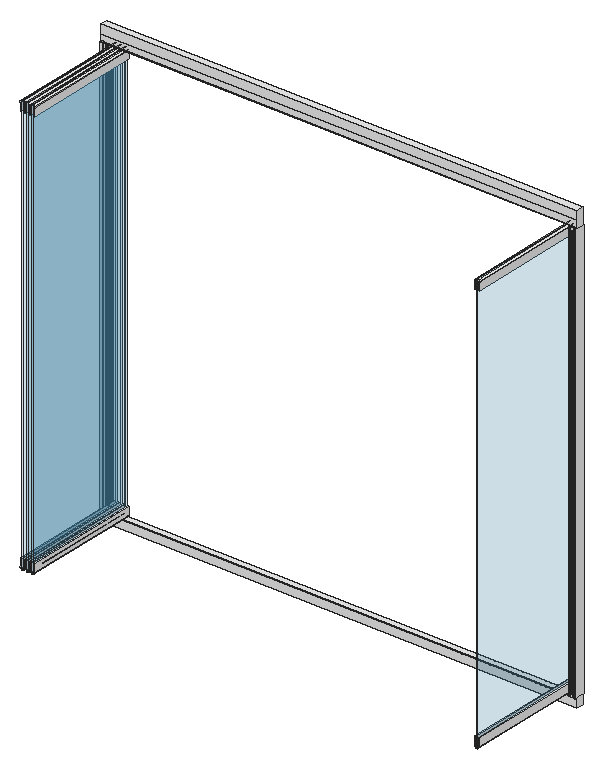
Revit family "Window-NanaWall-SL-25", category Windows, host Wall, Revit 2013 (continued)
Definition of nested family "Sill_SL-25"
  Definition of nested family "Detail Item_Sill_SL-25"
    Lines and regions (in)
      model lines, in view "Ref. Level"
        curve 98: line (0.13612, 3.62702, 0) -> (0.12279, 3.56855, 0)
        curve 99: line (0.09971, 3.56855, 0) -> (0.1115, 3.62546, 0)
        curve 100: line (0.41275, 3.62223, 0) -> (0.40452, 3.56855, 0)
        curve 101: arc (0.21662, 3.51008, 0) -> (0.21729, 3.51411, 0) -> (0.21791, 3.51815, 0) r 0.37539
        curve 102: line (0.23366, 3.63706, 0) -> (0.23041, 3.61895, 0)
        curve 103: line (0.39854, 3.61031, 0) -> (0.38948, 3.5344, 0)
        curve 104: line (0.38197, 3.56855, 0) -> (0.38718, 3.60077, 0)
        curve 105: line (0.2715, 3.5018, 0) -> (0.26825, 3.49142, 0)
        curve 106: line (0.22186, 3.61895, 0) -> (0.2244, 3.62545, 0)
        curve 107: line (0.16181, 3.52056, 0) -> (0.16017, 3.51008, 0)
        curve 108: line (0.17794, 3.63999, 0) -> (0.17424, 3.62082, 0)
        curve 109: line (0.22645, 3.51815, 0) -> (0.22387, 3.51152, 0)
        curve 110: arc (0.46371, 0.85887, 0) -> (0.37817, 0.82344, 0) -> (0.34274, 0.7379, 0) r 0.12097
        curve 111: arc (0.53726, 0.85887, 0) -> (0.55425, 0.86817, 0) -> (0.55556, 0.8875, 0) r 0.02016
        curve 112: arc (0.54515, 0.97581, 0) -> (0.54332, 0.93082, 0) -> (0.55556, 0.8875, 0) r 0.14315
        curve 113: arc (0.48387, 1.03629, 0) -> (0.50187, 0.99324, 0) -> (0.54515, 0.97581, 0) r 0.06048
        curve 114: arc (0.50403, 1.08871, 0) -> (0.48978, 1.0828, 0) -> (0.48387, 1.06855, 0) r 0.02016
        curve 115: arc (0.54435, 1.06855, 0) -> (0.53845, 1.0828, 0) -> (0.52419, 1.08871, 0) r 0.02016
        curve 116: arc (0.60831, 0.97719, 0) -> (0.63228, 0.98099, 0) -> (0.63523, 1.00507, 0) r 0.02016
        curve 117: arc (0.60831, 0.97719, 0) -> (0.61216, 0.90941, 0) -> (0.66547, 0.86738, 0) r 0.08266
        curve 118: arc (0.70549, 0.86738, 0) -> (0.68548, 0.88508, 0) -> (0.66547, 0.86738, 0) r 0.02016
        curve 119: arc (0.70549, 0.86738, 0) -> (0.75881, 0.90941, 0) -> (0.76266, 0.97719, 0) r 0.08266
        curve 120: arc (0.73574, 1.00507, 0) -> (0.73869, 0.98099, 0) -> (0.76266, 0.97719, 0) r 0.02016
        curve 121: arc (0.82661, 2.05645, 0) -> (0.80299, 2.11348, 0) -> (0.74597, 2.1371, 0) r 0.08065
        curve 122: arc (0.64516, 2.05645, 0) -> (0.68793, 2.07417, 0) -> (0.70565, 2.11694, 0) r 0.06048
        curve 123: arc (0.52419, 1.99597, 0) -> (0.53845, 2.00187, 0) -> (0.54435, 2.01613, 0) r 0.02016
        curve 124: arc (0.48387, 2.01613, 0) -> (0.48978, 2.00187, 0) -> (0.50403, 1.99597, 0) r 0.02016
        curve 125: arc (0.3629, 2.11694, 0) -> (0.38062, 2.07417, 0) -> (0.42339, 2.05645, 0) r 0.06048
        curve 126: arc (0.40323, 2.21774, 0) -> (0.37471, 2.20593, 0) -> (0.3629, 2.17742, 0) r 0.04032
        curve 127: arc (0.90726, 2.05645, 0) -> (0.86002, 2.1705, 0) -> (0.74597, 2.21774, 0) r 0.16129
        curve 128: arc (0.84677, 0.70765, 0) -> (0.85466, 0.69165, 0) -> (0.87215, 0.68817, 0) r 0.02016
        curve 129: arc (0.76613, 0.67742, 0) -> (0.78039, 0.68332, 0) -> (0.78629, 0.69758, 0) r 0.02016
        curve 130: arc (0.72581, 0.69758, 0) -> (0.73171, 0.68332, 0) -> (0.74597, 0.67742, 0) r 0.02016
        curve 131: arc (0.74597, 0.38306, 0) -> (0.73171, 0.37716, 0) -> (0.72581, 0.3629, 0) r 0.02016
        curve 132: arc (0.78629, 0.3629, 0) -> (0.78039, 0.37716, 0) -> (0.76613, 0.38306, 0) r 0.02016
        curve 133: arc (0.87215, 0.37231, 0) -> (0.85466, 0.36883, 0) -> (0.84677, 0.35284, 0) r 0.02016
        curve 134: arc (-0.84677, 0.35284, 0) -> (-0.85466, 0.36883, 0) -> (-0.87215, 0.37231, 0) r 0.02016
        curve 135: arc (-0.76613, 0.38306, 0) -> (-0.78039, 0.37716, 0) -> (-0.78629, 0.3629, 0) r 0.02016
        curve 136: arc (-0.72581, 0.3629, 0) -> (-0.73171, 0.37716, 0) -> (-0.74597, 0.38306, 0) r 0.02016
        curve 137: arc (-0.74597, 0.67742, 0) -> (-0.73171, 0.68332, 0) -> (-0.72581, 0.69758, 0) r 0.02016
        curve 138: arc (-0.78629, 0.69758, 0) -> (-0.78039, 0.68332, 0) -> (-0.76613, 0.67742, 0) r 0.02016
        curve 139: arc (-0.87215, 0.68817, 0) -> (-0.85466, 0.69165, 0) -> (-0.84677, 0.70765, 0) r 0.02016
        curve 140: arc (-0.74597, 2.21774, 0) -> (-0.86002, 2.1705, 0) -> (-0.90726, 2.05645, 0) r 0.16129
        curve 141: arc (-0.3629, 2.17742, 0) -> (-0.37471, 2.20593, 0) -> (-0.40323, 2.21774, 0) r 0.04032
        curve 142: arc (-0.42339, 2.05645, 0) -> (-0.38062, 2.07417, 0) -> (-0.3629, 2.11694, 0) r 0.06048
        curve 143: arc (-0.50403, 1.99597, 0) -> (-0.48978, 2.00187, 0) -> (-0.48387, 2.01613, 0) r 0.02016
        curve 144: arc (-0.54435, 2.01613, 0) -> (-0.53845, 2.00187, 0) -> (-0.52419, 1.99597, 0) r 0.02016
        curve 145: arc (-0.70565, 2.11694, 0) -> (-0.68793, 2.07417, 0) -> (-0.64516, 2.05645, 0) r 0.06048
        curve 146: arc (-0.74597, 2.1371, 0) -> (-0.80299, 2.11348, 0) -> (-0.82661, 2.05645, 0) r 0.08065
        curve 147: arc (-0.76266, 0.97719, 0) -> (-0.73869, 0.98099, 0) -> (-0.73574, 1.00507, 0) r 0.02016
        curve 148: arc (-0.76266, 0.97719, 0) -> (-0.75881, 0.90941, 0) -> (-0.70549, 0.86738, 0) r 0.08266
        curve 149: arc (-0.66547, 0.86738, 0) -> (-0.68548, 0.88508, 0) -> (-0.70549, 0.86738, 0) r 0.02016
        curve 150: arc (-0.66547, 0.86738, 0) -> (-0.61216, 0.90941, 0) -> (-0.60831, 0.97719, 0) r 0.08266
        curve 151: arc (-0.63523, 1.00507, 0) -> (-0.63228, 0.98099, 0) -> (-0.60831, 0.97719, 0) r 0.02016
        curve 152: arc (-0.52419, 1.08871, 0) -> (-0.53845, 1.0828, 0) -> (-0.54435, 1.06855, 0) r 0.02016
        curve 153: arc (-0.48387, 1.06855, 0) -> (-0.48978, 1.0828, 0) -> (-0.50403, 1.08871, 0) r 0.02016
        curve 154: arc (-0.54515, 0.97581, 0) -> (-0.50187, 0.99324, 0) -> (-0.48387, 1.03629, 0) r 0.06048
        curve 155: arc (-0.55556, 0.8875, 0) -> (-0.54332, 0.93082, 0) -> (-0.54515, 0.97581, 0) r 0.14315
        curve 156: arc (-0.55556, 0.8875, 0) -> (-0.55425, 0.86817, 0) -> (-0.53726, 0.85887, 0) r 0.02016
        curve 157: arc (-0.34274, 0.7379, 0) -> (-0.37817, 0.82344, 0) -> (-0.46371, 0.85887, 0) r 0.12097
        curve 158: arc (-0.24194, 2.45968, 0) -> (-0.24169, 2.45652, 0) -> (-0.24095, 2.45345, 0) r 0.02016
        curve 159: arc (-0.228, 2.4405, 0) -> (-0.22493, 2.43976, 0) -> (-0.22177, 2.43952, 0) r 0.02016
        curve 160: arc (-0.228, 2.4405, 0) -> (-0.22493, 2.43976, 0) -> (-0.22177, 2.43952, 0) r 0.02016
        curve 161: arc (-0.24194, 2.45968, 0) -> (-0.24169, 2.45652, 0) -> (-0.24095, 2.45345, 0) r 0.02016
        curve 162: arc (0.22177, 2.43952, 0) -> (0.23603, 2.44542, 0) -> (0.24194, 2.45968, 0) r 0.02016
        curve 163: arc (0.228, 2.72079, 0) -> (0.22493, 2.72153, 0) -> (0.22177, 2.72177, 0) r 0.02016
        curve 164: arc (0.24194, 2.70161, 0) -> (0.24169, 2.70477, 0) -> (0.24095, 2.70784, 0) r 0.02016
        curve 165: arc (-0.22177, 2.72177, 0) -> (-0.22493, 2.72153, 0) -> (-0.228, 2.72079, 0) r 0.02016
        curve 166: arc (-0.24095, 2.70784, 0) -> (-0.24169, 2.70477, 0) -> (-0.24194, 2.70161, 0) r 0.02016
        curve 167: arc (-0.47016, 1.45337, 0) -> (-0.47467, 1.46442, 0) -> (-0.48465, 1.47098, 0) r 0.02016
        curve 168: arc (0.48465, 1.47098, 0) -> (0.47467, 1.46442, 0) -> (0.47016, 1.45337, 0) r 0.02016
        curve 169: arc (0.42507, 1.14919, 0) -> (0.43869, 1.15449, 0) -> (0.44516, 1.1676, 0) r 0.02016
        curve 170: arc (-0.44516, 1.1676, 0) -> (-0.43869, 1.15449, 0) -> (-0.42507, 1.14919, 0) r 0.02016
        curve 171: arc (0.76613, 1.65323, 0) -> (0.76022, 1.66748, 0) -> (0.74597, 1.67339, 0) r 0.02016
        curve 172: arc (-0.74597, 1.67339, 0) -> (-0.76022, 1.66748, 0) -> (-0.76613, 1.65323, 0) r 0.02016
        curve 173: arc (0.76613, 1.65323, 0) -> (0.76022, 1.66748, 0) -> (0.74597, 1.67339, 0) r 0.02016
        curve 174: arc (-0.76613, 1.49194, 0) -> (-0.76022, 1.47768, 0) -> (-0.74597, 1.47177, 0) r 0.02016
        curve 175: arc (0.74597, 1.47177, 0) -> (0.76022, 1.47768, 0) -> (0.76613, 1.49194, 0) r 0.02016
        curve 176: arc (-0.76613, 1.49194, 0) -> (-0.76022, 1.47768, 0) -> (-0.74597, 1.47177, 0) r 0.02016
        curve 177: arc (0.74597, 1.47177, 0) -> (0.76022, 1.47768, 0) -> (0.76613, 1.49194, 0) r 0.02016
        curve 178: arc (-0.52419, 1.67339, 0) -> (-0.43403, 1.69467, 0) -> (-0.3629, 1.75403, 0) r 0.20161
        curve 179: arc (0.3629, 1.75403, 0) -> (0.43403, 1.69467, 0) -> (0.52419, 1.67339, 0) r 0.20161
        curve 180: arc (-0.52419, 1.67339, 0) -> (-0.43403, 1.69467, 0) -> (-0.3629, 1.75403, 0) r 0.20161
        curve 181: arc (0.3629, 1.75403, 0) -> (0.43403, 1.69467, 0) -> (0.52419, 1.67339, 0) r 0.20161
        curve 182: arc (0.24023, 1.45973, 0) -> (0.23858, 1.46275, 0) -> (0.23644, 1.46545, 0) r 0.02016
        curve 183: arc (0.24194, 1.4516, 0) -> (0.24162, 1.45514, 0) -> (0.2407, 1.45857, 0) r 0.02016
        curve 184: arc (-0.2407, 1.45856, 0) -> (-0.24162, 1.45514, 0) -> (-0.24194, 1.45161, 0) r 0.02016
        curve 185: arc (-0.23643, 1.46545, 0) -> (-0.23858, 1.46276, 0) -> (-0.24023, 1.45974, 0) r 0.02016
        curve 186: arc (-0.22177, 1.47177, 0) -> (-0.22571, 1.47139, 0) -> (-0.22949, 1.47024, 0) r 0.02016
        curve 187: arc (-0.2621, 1.14919, 0) -> (-0.24784, 1.1551, 0) -> (-0.24194, 1.16935, 0) r 0.02016
        curve 188: arc (0.24194, 1.4516, 0) -> (0.24162, 1.45515, 0) -> (0.24069, 1.45859, 0) r 0.02016
        curve 189: arc (0.24194, 1.16935, 0) -> (0.24784, 1.1551, 0) -> (0.2621, 1.14919, 0) r 0.02016
        curve 190: arc (0.22949, 1.47024, 0) -> (0.22571, 1.47139, 0) -> (0.22177, 1.47177, 0) r 0.02016
        curve 191: arc (0.24194, 1.4516, 0) -> (0.23854, 1.46281, 0) -> (0.22949, 1.47024, 0) r 0.02016
        curve 192: arc (0.24194, 2.70161, 0) -> (0.24169, 2.70477, 0) -> (0.24095, 2.70784, 0) r 0.02016
        curve 193: arc (-0.24095, 2.70784, 0) -> (-0.24169, 2.70477, 0) -> (-0.24194, 2.70161, 0) r 0.02016
        curve 194: arc (0.24194, 2.4326, 0) -> (0.24807, 2.40174, 0) -> (0.26556, 2.37557, 0) r 0.08065
        curve 195: arc (-0.26556, 2.37557, 0) -> (-0.24807, 2.40173, 0) -> (-0.24194, 2.4326, 0) r 0.08065
        curve 196: arc (-0.26556, 2.37557, 0) -> (-0.26118, 2.38032, 0) -> (-0.25719, 2.3854, 0) r 0.08065
        curve 197: arc (0.32253, 2.30628, 0) -> (0.32067, 2.29222, 0) -> (0.32006, 2.27804, 0) r 0.16043
        curve 198: arc (-0.32006, 2.27823, 0) -> (-0.32068, 2.29231, 0) -> (-0.32253, 2.30628, 0) r 0.16003
        curve 199: line (-0.3629, 1.75403, 0) -> (-0.32006, 1.875, 0)
        curve 200: line (0.32006, 1.875, 0) -> (0.3629, 1.75403, 0)
        curve 201: line (0.31686, 2.32427, 0) -> (0.32253, 2.30628, 0)
        curve 202: line (-0.32253, 2.30628, 0) -> (-0.31686, 2.32427, 0)
        curve 203: arc (0.24194, 2.72177, 0) -> (0.27045, 2.73358, 0) -> (0.28226, 2.7621, 0) r 0.04032
        curve 204: arc (-0.32258, 2.72177, 0) -> (-0.33684, 2.71587, 0) -> (-0.34274, 2.70161, 0) r 0.02016
        curve 205: arc (-0.34694, 2.64338, 0) -> (-0.34381, 2.65209, 0) -> (-0.34274, 2.66129, 0) r 0.04032
        curve 206: arc (-0.36515, 2.62516, 0) -> (-0.35455, 2.63278, 0) -> (-0.34694, 2.64338, 0) r 0.04032
        curve 207: arc (-0.38306, 2.62097, 0) -> (-0.37387, 2.62203, 0) -> (-0.36515, 2.62516, 0) r 0.04032
        curve 208: arc (-0.44355, 2.64113, 0) -> (-0.43764, 2.62687, 0) -> (-0.42339, 2.62097, 0) r 0.02016
        curve 209: arc (-0.42339, 3.46774, 0) -> (-0.43764, 3.46184, 0) -> (-0.44355, 3.44758, 0) r 0.02016
        curve 210: arc (-0.34274, 3.42742, 0) -> (-0.35455, 3.45593, 0) -> (-0.38306, 3.46774, 0) r 0.04032
        curve 211: arc (-0.34274, 3.3871, 0) -> (-0.33684, 3.37284, 0) -> (-0.32258, 3.36694, 0) r 0.02016
        curve 212: arc (0.28226, 3.32661, 0) -> (0.27045, 3.35513, 0) -> (0.24194, 3.36694, 0) r 0.04032
        curve 213: line (0.13904, 1.29839, 0) -> (0.15947, 1.27823, 0)
        curve 214: line (-0.15947, 1.27823, 0) -> (-0.13904, 1.29839, 0)
        curve 215: arc (-0.18698, 3.46774, 0) -> (-0.17013, 3.47682, 0) -> (-0.16847, 3.49589, 0) r 0.02016
        curve 216: arc (-0.50403, 4.25403, 0) -> (-0.49813, 4.23978, 0) -> (-0.48387, 4.23387, 0) r 0.02016
        curve 217: arc (-0.3629, 2.62097, 0) -> (-0.34865, 2.62687, 0) -> (-0.34274, 2.64113, 0) r 0.02016
        curve 218: arc (-0.52419, 4.53629, 0) -> (-0.51829, 4.52203, 0) -> (-0.50403, 4.51613, 0) r 0.02016
        curve 219: arc (-0.46273, 4.15323, 0) -> (-0.47732, 4.14698, 0) -> (-0.48287, 4.13211, 0) r 0.02016
        curve 220: arc (-0.48387, 4.43548, 0) -> (-0.49813, 4.42958, 0) -> (-0.50403, 4.41532, 0) r 0.02016
        curve 221: arc (-0.46371, 2.84274, 0) -> (-0.47797, 2.83684, 0) -> (-0.48387, 2.82258, 0) r 0.02016
        curve 222: arc (-0.48387, 2.90323, 0) -> (-0.47797, 2.88897, 0) -> (-0.46371, 2.88306, 0) r 0.02016
        curve 223: arc (-0.46371, 3.20565, 0) -> (-0.47797, 3.19974, 0) -> (-0.48387, 3.18548, 0) r 0.02016
        curve 224: arc (-0.46371, 3.26613, 0) -> (-0.4578, 3.25187, 0) -> (-0.44355, 3.24597, 0) r 0.02016
        curve 225: arc (-0.48387, 2.66129, 0) -> (-0.47206, 2.63278, 0) -> (-0.44355, 2.62097, 0) r 0.04032
        curve 226: arc (-0.18272, 3.55202, 0) -> (-0.19568, 3.57816, 0) -> (-0.22288, 3.58871, 0) r 0.04032
        curve 227: arc (-0.46737, 3.80665, 0) -> (-0.44247, 3.75212, 0) -> (-0.38681, 3.72984, 0) r 0.08065
        curve 228: arc (-0.38306, 3.58871, 0) -> (-0.44009, 3.56509, 0) -> (-0.46371, 3.50806, 0) r 0.08065
        curve 229: arc (-0.24194, 5.02997, 0) -> (-0.24807, 5.06084, 0) -> (-0.26556, 5.087, 0) r 0.08065
        curve 230: arc (-0.39242, 5.14113, 0) -> (-0.34627, 5.10436, 0) -> (-0.28743, 5.10887, 0) r 0.08065
        curve 231: arc (-0.44355, 5.22177, 0) -> (-0.48387, 5.18145, 0) -> (-0.44355, 5.14113, 0) r 0.04032
        curve 232: arc (-0.28743, 5.25403, 0) -> (-0.34627, 5.25854, 0) -> (-0.39242, 5.22177, 0) r 0.08065
        curve 233: arc (-0.2621, 5.30242, 0) -> (-0.268, 5.31668, 0) -> (-0.28226, 5.32258, 0) r 0.02016
        curve 234: arc (-0.44355, 5.32258, 0) -> (-0.5576, 5.27534, 0) -> (-0.60484, 5.16129, 0) r 0.16129
        curve 235: arc (-0.28226, 2.41935, 0) -> (-0.268, 2.42526, 0) -> (-0.2621, 2.43952, 0) r 0.02016
        curve 236: arc (-0.2621, 2.70161, 0) -> (-0.268, 2.71587, 0) -> (-0.28226, 2.72177, 0) r 0.02016
        curve 237: arc (-0.30242, 2.72177, 0) -> (-0.33093, 2.70996, 0) -> (-0.34274, 2.68145, 0) r 0.04032
        curve 238: arc (-0.40323, 2.84274, 0) -> (-0.38306, 2.8629, 0) -> (-0.40323, 2.88306, 0) r 0.02016
        curve 239: arc (-0.40323, 3.20565, 0) -> (-0.38306, 3.22581, 0) -> (-0.40323, 3.24597, 0) r 0.02016
        curve 240: arc (-0.18272, 3.55202, 0) -> (-0.17782, 3.52339, 0) -> (-0.16847, 3.49589, 0) r 0.18347
        curve 241: arc (-0.32258, 3.46774, 0) -> (-0.33684, 3.46184, 0) -> (-0.34274, 3.44758, 0) r 0.02016
        curve 242: arc (-0.34274, 3.40726, 0) -> (-0.33684, 3.393, 0) -> (-0.32258, 3.3871, 0) r 0.02016
        curve 243: arc (-0.28226, 3.3871, 0) -> (-0.268, 3.393, 0) -> (-0.2621, 3.40726, 0) r 0.02016
        curve 244: arc (0.30242, 3.28629, 0) -> (0.28816, 3.28039, 0) -> (0.28226, 3.26613, 0) r 0.02016
        curve 245: arc (0.28226, 3.24597, 0) -> (0.28816, 3.23171, 0) -> (0.30242, 3.22581, 0) r 0.02016
        curve 246: arc (0.3629, 3.22581, 0) -> (0.37716, 3.23171, 0) -> (0.38306, 3.24597, 0) r 0.02016
        curve 247: arc (0.05141, 3.51442, 0) -> (0.02797, 3.51206, 0) -> (0.02277, 3.48909, 0) r 0.02016
        curve 248: arc (-0.0802, 3.54854, 0) -> (-0.04133, 3.49696, 0) -> (0.02277, 3.48909, 0) r 0.08266
        curve 249: arc (-0.0802, 3.54854, 0) -> (-0.0625, 3.56855, 0) -> (-0.0802, 3.58856, 0) r 0.02016
        curve 250: arc (0.02277, 3.64801, 0) -> (-0.04133, 3.64014, 0) -> (-0.0802, 3.58856, 0) r 0.08266
        curve 251: arc (0.02277, 3.64801, 0) -> (0.02797, 3.62503, 0) -> (0.05141, 3.62267, 0) r 0.02016
        curve 252: arc (0.38306, 3.87097, 0) -> (0.37716, 3.88522, 0) -> (0.3629, 3.89113, 0) r 0.02016
        curve 253: arc (0.34274, 3.89113, 0) -> (0.32849, 3.88522, 0) -> (0.32258, 3.87097, 0) r 0.02016
        curve 254: arc (-0.30242, 3.99194, 0) -> (-0.29651, 3.97768, 0) -> (-0.28226, 3.97177, 0) r 0.02016
        curve 255: arc (-0.2621, 3.97177, 0) -> (-0.24784, 3.97768, 0) -> (-0.24194, 3.99194, 0) r 0.02016
        curve 256: arc (-0.2621, 4.87903, 0) -> (-0.24784, 4.88494, 0) -> (-0.24194, 4.89919, 0) r 0.02016
        curve 257: arc (-0.30242, 4.98992, 0) -> (-0.33266, 5.02016, 0) -> (-0.3629, 4.98992, 0) r 0.03024
        curve 258: arc (-0.44355, 5.02016, 0) -> (-0.48387, 5.06048, 0) -> (-0.52419, 5.02016, 0) r 0.04032
        curve 259: arc (-0.24194, 4.57661, 0) -> (-0.24784, 4.59087, 0) -> (-0.2621, 4.59677, 0) r 0.02016
        curve 260: arc (-0.2621, 4.43548, 0) -> (-0.24784, 4.44139, 0) -> (-0.24194, 4.45565, 0) r 0.02016
        curve 261: arc (-0.24194, 4.21371, 0) -> (-0.24784, 4.22797, 0) -> (-0.2621, 4.23387, 0) r 0.02016
        curve 262: line (-0.46371, 3.50806, 0) -> (-0.46371, 3.26613, 0)
        curve 263: line (-0.46371, 3.26613, 0) -> (-0.46371, 3.50806, 0)
        curve 264: line (-0.52419, 5.02016, 0) -> (-0.52419, 4.53629, 0)
        curve 265: line (-0.52419, 4.53629, 0) -> (-0.52419, 5.02016, 0)
        curve 266: line (-0.24194, 4.89919, 0) -> (-0.24194, 5.02997, 0)
        curve 267: line (-0.24194, 5.02997, 0) -> (-0.24194, 4.89919, 0)
        curve 268: line (-0.24194, 4.89919, 0) -> (-0.24194, 4.57661, 0)
        curve 269: line (-0.24194, 4.57661, 0) -> (-0.24194, 4.45565, 0)
        curve 270: line (-0.26556, 5.087, 0) -> (-0.28743, 5.10887, 0)
        curve 271: line (-0.28743, 5.10887, 0) -> (-0.26556, 5.087, 0)
        curve 272: line (-0.39242, 5.14113, 0) -> (-0.44355, 5.14113, 0)
        curve 273: line (-0.44355, 5.14113, 0) -> (-0.39242, 5.14113, 0)
        curve 274: line (-0.44355, 5.22177, 0) -> (-0.39242, 5.22177, 0)
        curve 275: line (-0.39242, 5.22177, 0) -> (-0.44355, 5.22177, 0)
        curve 276: line (-0.44355, 5.32258, 0) -> (-0.28226, 5.32258, 0)
        curve 277: line (-0.28226, 5.32258, 0) -> (-0.44355, 5.32258, 0)
        curve 278: line (-0.28226, 2.41935, 0) -> (-0.37097, 2.41935, 0)
        curve 279: line (-0.37097, 2.41935, 0) -> (-0.37097, 2.45968, 0)
        curve 280: line (-0.37097, 2.45968, 0) -> (-0.32258, 2.45968, 0)
        curve 281: line (-0.32258, 2.45968, 0) -> (-0.32258, 2.52016, 0)
        curve 282: line (-0.32258, 2.52016, 0) -> (-0.54435, 2.52016, 0)
        curve 283: line (-0.54435, 2.52016, 0) -> (-0.54435, 2.45968, 0)
        curve 284: line (-0.54435, 2.45968, 0) -> (-0.49597, 2.45968, 0)
        curve 285: line (-0.49597, 2.45968, 0) -> (-0.49597, 2.41935, 0)
        curve 286: line (-0.49597, 2.41935, 0) -> (-0.60484, 2.41935, 0)
        curve 287: line (-0.60484, 2.41935, 0) -> (-0.60484, 5.16129, 0)
        curve 288: line (-0.60484, 5.16129, 0) -> (-0.60484, 2.41935, 0)
        curve 289: line (-0.60484, 2.41935, 0) -> (-0.49597, 2.41935, 0)
        curve 290: line (-0.49597, 2.41935, 0) -> (-0.49597, 2.45968, 0)
        curve 291: line (-0.49597, 2.45968, 0) -> (-0.54435, 2.45968, 0)
        curve 292: line (-0.54435, 2.45968, 0) -> (-0.54435, 2.52016, 0)
        curve 293: line (-0.54435, 2.52016, 0) -> (-0.32258, 2.52016, 0)
        curve 294: line (-0.32258, 2.52016, 0) -> (-0.32258, 2.45968, 0)
        curve 295: line (-0.32258, 2.45968, 0) -> (-0.37097, 2.45968, 0)
        curve 296: line (-0.37097, 2.45968, 0) -> (-0.37097, 2.41935, 0)
        curve 297: line (-0.37097, 2.41935, 0) -> (-0.28226, 2.41935, 0)
        curve 298: line (-0.2621, 2.43952, 0) -> (-0.2621, 2.70161, 0)
        curve 299: line (-0.2621, 2.70161, 0) -> (-0.2621, 2.43952, 0)
        curve 300: line (-0.32258, 2.72177, 0) -> (-0.30242, 2.72177, 0)
        curve 301: line (-0.30242, 2.72177, 0) -> (-0.28226, 2.72177, 0)
        curve 302: line (-0.28226, 2.72177, 0) -> (-0.30242, 2.72177, 0)
        curve 303: line (-0.34274, 2.68145, 0) -> (-0.34274, 2.64113, 0)
        curve 304: line (-0.34274, 2.64113, 0) -> (-0.34274, 2.68145, 0)
        curve 305: line (-0.34274, 2.68145, 0) -> (-0.34274, 2.70161, 0)
        curve 306: line (-0.3629, 2.62097, 0) -> (-0.44355, 2.62097, 0)
        curve 307: line (-0.44355, 2.62097, 0) -> (-0.3629, 2.62097, 0)
        curve 308: line (-0.48387, 2.66129, 0) -> (-0.48387, 2.82258, 0)
        curve 309: line (-0.48387, 2.82258, 0) -> (-0.48387, 2.66129, 0)
        curve 310: line (-0.46371, 2.84274, 0) -> (-0.40323, 2.84274, 0)
        curve 311: line (-0.40323, 2.84274, 0) -> (-0.46371, 2.84274, 0)
        curve 312: line (-0.40323, 2.88306, 0) -> (-0.46371, 2.88306, 0)
        curve 313: line (-0.46371, 2.88306, 0) -> (-0.40323, 2.88306, 0)
        curve 314: line (-0.48387, 2.90323, 0) -> (-0.48387, 3.18548, 0)
        curve 315: line (-0.48387, 3.18548, 0) -> (-0.48387, 2.90323, 0)
        curve 316: line (-0.46371, 3.20565, 0) -> (-0.40323, 3.20565, 0)
        curve 317: line (-0.40323, 3.20565, 0) -> (-0.46371, 3.20565, 0)
        curve 318: line (-0.40323, 3.24597, 0) -> (-0.44355, 3.24597, 0)
        curve 319: line (-0.44355, 3.24597, 0) -> (-0.40323, 3.24597, 0)
        curve 320: line (-0.38306, 3.58871, 0) -> (-0.22288, 3.58871, 0)
        curve 321: line (-0.22288, 3.58871, 0) -> (-0.38306, 3.58871, 0)
        curve 322: line (-0.18698, 3.46774, 0) -> (-0.32258, 3.46774, 0)
        curve 323: line (-0.32258, 3.46774, 0) -> (-0.18698, 3.46774, 0)
        curve 324: line (-0.34274, 3.3871, 0) -> (-0.34274, 3.40726, 0)
        curve 325: line (-0.34274, 3.40726, 0) -> (-0.34274, 3.44758, 0)
        curve 326: line (-0.34274, 3.44758, 0) -> (-0.34274, 3.40726, 0)
        curve 327: line (-0.28226, 3.3871, 0) -> (-0.32258, 3.3871, 0)
        curve 328: line (-0.32258, 3.3871, 0) -> (-0.28226, 3.3871, 0)
        curve 329: line (0.30242, 3.35405, 0) -> (0.30242, 3.28629, 0)
        curve 330: line (0.30242, 3.28629, 0) -> (0.30242, 3.35405, 0)
        curve 331: line (0.30242, 3.35405, 0) -> (0.23901, 3.40726, 0)
        curve 332: line (0.23901, 3.40726, 0) -> (-0.2621, 3.40726, 0)
        curve 333: line (-0.2621, 3.40726, 0) -> (0.23901, 3.40726, 0)
        curve 334: line (0.23901, 3.40726, 0) -> (0.30242, 3.35405, 0)
        curve 335: line (0.28226, 2.7621, 0) -> (0.28226, 3.0234, 0)
        curve 336: line (0.28226, 3.0234, 0) -> (0.27016, 3.04435, 0)
        curve 337: line (0.27016, 3.04435, 0) -> (0.28226, 3.06531, 0)
        curve 338: line (0.28226, 3.06531, 0) -> (0.28226, 3.24597, 0)
        curve 339: line (0.28226, 3.24597, 0) -> (0.28226, 3.26613, 0)
        curve 340: line (0.28226, 3.26613, 0) -> (0.28226, 3.32661, 0)
        curve 341: line (0.30242, 3.22581, 0) -> (0.3629, 3.22581, 0)
        curve 342: line (0.3629, 3.22581, 0) -> (0.30242, 3.22581, 0)
        curve 343: line (0.05893, 3.51008, 0) -> (0.0811, 3.51008, 0)
        curve 344: line (0.0811, 3.51008, 0) -> (0.09274, 3.48992, 0)
        curve 345: line (0.09274, 3.48992, 0) -> (0.10438, 3.51008, 0)
        curve 346: line (0.10438, 3.51008, 0) -> (0.13513, 3.51008, 0)
        curve 347: line (0.13513, 3.51008, 0) -> (0.14677, 3.48992, 0)
        curve 348: line (0.14677, 3.48992, 0) -> (0.15841, 3.51008, 0)
        curve 349: line (0.15841, 3.51008, 0) -> (0.18917, 3.51008, 0)
        curve 350: line (0.18917, 3.51008, 0) -> (0.20081, 3.48992, 0)
        curve 351: line (0.20081, 3.48992, 0) -> (0.21245, 3.51008, 0)
        curve 352: line (0.21245, 3.51008, 0) -> (0.24194, 3.51008, 0)
        curve 353: line (0.24439, 3.50802, 0) -> (0.25484, 3.48992, 0)
        curve 354: line (0.25484, 3.48992, 0) -> (0.25847, 3.49621, 0)
        curve 355: line (0.25847, 3.49621, 0) -> (0.38306, 3.39166, 0)
        curve 356: line (0.38306, 3.39166, 0) -> (0.38306, 3.24597, 0)
        curve 357: line (0.38306, 3.24597, 0) -> (0.38306, 3.39166, 0)
        curve 358: line (0.38306, 3.39166, 0) -> (0.25847, 3.49621, 0)
        curve 359: line (0.25847, 3.49621, 0) -> (0.25484, 3.48992, 0)
        curve 360: line (0.25484, 3.48992, 0) -> (0.24439, 3.50802, 0)
        curve 361: line (0.24194, 3.51008, 0) -> (0.21245, 3.51008, 0)
        curve 362: line (0.21245, 3.51008, 0) -> (0.20081, 3.48992, 0)
        curve 363: line (0.20081, 3.48992, 0) -> (0.18917, 3.51008, 0)
        curve 364: line (0.18917, 3.51008, 0) -> (0.15841, 3.51008, 0)
        curve 365: line (0.15841, 3.51008, 0) -> (0.14677, 3.48992, 0)
        curve 366: line (0.14677, 3.48992, 0) -> (0.13513, 3.51008, 0)
        curve 367: line (0.13513, 3.51008, 0) -> (0.10438, 3.51008, 0)
        curve 368: line (0.10438, 3.51008, 0) -> (0.09274, 3.48992, 0)
        curve 369: line (0.09274, 3.48992, 0) -> (0.0811, 3.51008, 0)
        curve 370: line (0.0811, 3.51008, 0) -> (0.05893, 3.51008, 0)
        curve 371: line (0.05893, 3.51008, 0) -> (0.05141, 3.51442, 0)
        curve 372: line (0.05141, 3.51442, 0) -> (0.05893, 3.51008, 0)
        curve 373: line (0.38306, 3.87097, 0) -> (0.38306, 3.74544, 0)
        curve 374: line (0.38306, 3.74544, 0) -> (0.24194, 3.62702, 0)
        curve 375: line (0.23946, 3.62702, 0) -> (0.22782, 3.64718, 0)
        curve 376: line (0.22782, 3.64718, 0) -> (0.21618, 3.62702, 0)
        curve 377: line (0.21618, 3.62702, 0) -> (0.18543, 3.62702, 0)
        curve 378: line (0.18543, 3.62702, 0) -> (0.17379, 3.64718, 0)
        curve 379: line (0.17379, 3.64718, 0) -> (0.16215, 3.62702, 0)
        curve 380: line (0.16215, 3.62702, 0) -> (0.1314, 3.62702, 0)
        curve 381: line (0.1314, 3.62702, 0) -> (0.11976, 3.64718, 0)
        curve 382: line (0.11976, 3.64718, 0) -> (0.10812, 3.62702, 0)
        curve 383: line (0.10812, 3.62702, 0) -> (0.07737, 3.62702, 0)
        curve 384: line (0.07737, 3.62702, 0) -> (0.06573, 3.64718, 0)
        curve 385: line (0.06573, 3.64718, 0) -> (0.05141, 3.62267, 0)
        curve 386: line (0.05141, 3.62267, 0) -> (0.06573, 3.64718, 0)
        curve 387: line (0.06573, 3.64718, 0) -> (0.07737, 3.62702, 0)
        curve 388: line (0.07737, 3.62702, 0) -> (0.10812, 3.62702, 0)
        curve 389: line (0.10812, 3.62702, 0) -> (0.11976, 3.64718, 0)
        curve 390: line (0.11976, 3.64718, 0) -> (0.1314, 3.62702, 0)
        curve 391: line (0.1314, 3.62702, 0) -> (0.16215, 3.62702, 0)
        curve 392: line (0.16215, 3.62702, 0) -> (0.17379, 3.64718, 0)
        curve 393: line (0.17379, 3.64718, 0) -> (0.18543, 3.62702, 0)
        curve 394: line (0.18543, 3.62702, 0) -> (0.21618, 3.62702, 0)
        curve 395: line (0.21618, 3.62702, 0) -> (0.22782, 3.64718, 0)
        curve 396: line (0.22782, 3.64718, 0) -> (0.23946, 3.62702, 0)
        curve 397: line (0.24194, 3.62702, 0) -> (0.38306, 3.74544, 0)
        curve 398: line (0.38306, 3.74544, 0) -> (0.38306, 3.87097, 0)
        curve 399: line (0.34274, 3.89113, 0) -> (0.3629, 3.89113, 0)
        curve 400: line (0.3629, 3.89113, 0) -> (0.34274, 3.89113, 0)
        curve 401: line (0.27038, 3.72984, 0) -> (-0.38681, 3.72984, 0)
        curve 402: line (-0.38681, 3.72984, 0) -> (0.27038, 3.72984, 0)
        curve 403: line (0.27038, 3.72984, 0) -> (0.32258, 3.77364, 0)
        curve 404: line (0.32258, 3.77364, 0) -> (0.32258, 3.87097, 0)
        curve 405: line (0.32258, 3.87097, 0) -> (0.32258, 3.77364, 0)
        curve 406: line (0.32258, 3.77364, 0) -> (0.27038, 3.72984, 0)
        curve 407: line (-0.46737, 3.80665, 0) -> (-0.48287, 4.13211, 0)
        curve 408: line (-0.48287, 4.13211, 0) -> (-0.46737, 3.80665, 0)
        curve 409: line (-0.30242, 4.15323, 0) -> (-0.30242, 3.99194, 0)
        curve 410: line (-0.30242, 3.99194, 0) -> (-0.30242, 4.15323, 0)
        curve 411: line (-0.30242, 4.15323, 0) -> (-0.46273, 4.15323, 0)
        curve 412: line (-0.46273, 4.15323, 0) -> (-0.30242, 4.15323, 0)
        curve 413: line (-0.28226, 3.97177, 0) -> (-0.2621, 3.97177, 0)
        curve 414: line (-0.2621, 3.97177, 0) -> (-0.28226, 3.97177, 0)
        curve 415: line (-0.44355, 5.02016, 0) -> (-0.44355, 4.93952, 0)
        curve 416: line (-0.44355, 4.93952, 0) -> (-0.3629, 4.93952, 0)
        curve 417: line (-0.3629, 4.93952, 0) -> (-0.3629, 4.98992, 0)
        curve 418: line (-0.3629, 4.98992, 0) -> (-0.3629, 4.93952, 0)
        curve 419: line (-0.3629, 4.93952, 0) -> (-0.44355, 4.93952, 0)
        curve 420: line (-0.44355, 4.93952, 0) -> (-0.44355, 5.02016, 0)
        curve 421: line (-0.2621, 4.59677, 0) -> (-0.30242, 4.59677, 0)
        curve 422: line (-0.30242, 4.59677, 0) -> (-0.30242, 4.51613, 0)
        curve 423: line (-0.30242, 4.51613, 0) -> (-0.50403, 4.51613, 0)
        curve 424: line (-0.50403, 4.51613, 0) -> (-0.30242, 4.51613, 0)
        curve 425: line (-0.30242, 4.51613, 0) -> (-0.30242, 4.59677, 0)
        curve 426: line (-0.30242, 4.59677, 0) -> (-0.2621, 4.59677, 0)
        curve 427: line (-0.24194, 4.57661, 0) -> (-0.24194, 4.45565, 0)
        curve 428: line (-0.24194, 4.45565, 0) -> (-0.24194, 4.21371, 0)
        curve 429: line (-0.24194, 4.21371, 0) -> (-0.24194, 3.99194, 0)
        curve 430: line (-0.48387, 4.43548, 0) -> (-0.2621, 4.43548, 0)
        curve 431: line (-0.2621, 4.43548, 0) -> (-0.48387, 4.43548, 0)
        curve 432: line (-0.50403, 4.25403, 0) -> (-0.50403, 4.41532, 0)
        curve 433: line (-0.50403, 4.41532, 0) -> (-0.50403, 4.25403, 0)
        curve 434: line (-0.2621, 4.23387, 0) -> (-0.48387, 4.23387, 0)
        curve 435: line (-0.48387, 4.23387, 0) -> (-0.2621, 4.23387, 0)
        curve 436: line (0.46263, 5.16532, 0) -> (0.5052, 5.23906, 0)
        curve 437: line (0.56452, 5.16129, 0) -> (0.56452, 2.6129, 0)
        curve 438: line (0.52419, 2.57258, 0) -> (0.45438, 2.57258, 0)
        curve 439: line (0.45438, 2.57258, 0) -> (0.4326, 2.59086, 0)
        curve 440: line (0.42533, 2.59247, 0) -> (0.33231, 2.56754, 0)
        curve 441: line (0.30242, 2.45968, 0) -> (0.30242, 2.52859, 0)
        curve 442: line (0.34274, 2.41935, 0) -> (0.41129, 2.41935, 0)
        curve 443: line (0.41129, 2.41935, 0) -> (0.41129, 2.45968, 0)
        curve 444: line (0.41129, 2.45968, 0) -> (0.3629, 2.45968, 0)
        curve 445: line (0.3629, 2.45968, 0) -> (0.3629, 2.52016, 0)
        curve 446: line (0.3629, 2.52016, 0) -> (0.58468, 2.52016, 0)
        curve 447: line (0.58468, 2.52016, 0) -> (0.58468, 2.45968, 0)
        curve 448: line (0.58468, 2.45968, 0) -> (0.53629, 2.45968, 0)
        curve 449: line (0.53629, 2.45968, 0) -> (0.53629, 2.41935, 0)
        curve 450: line (0.53629, 2.41935, 0) -> (0.64516, 2.41935, 0)
        curve 451: line (0.64516, 2.41935, 0) -> (0.64516, 5.16129, 0)
        curve 452: line (0.33468, 5.24194, 0) -> (0.33468, 5.2621, 0)
        curve 453: line (0.33468, 5.2621, 0) -> (0.41331, 5.2621, 0)
        curve 454: line (0.41331, 5.2621, 0) -> (0.44807, 5.1666, 0)
        curve 455: line (0.63105, 2.17742, 0) -> (0.63105, 2.1371, 0)
        curve 456: line (0.63105, 2.1371, 0) -> (0.4375, 2.1371, 0)
        curve 457: line (0.4375, 2.1371, 0) -> (0.4375, 2.17742, 0)
        curve 458: line (0.4375, 2.17742, 0) -> (0.63105, 2.17742, 0)
        curve 459: line (0.57522, 2.17742, 0) -> (0.61788, 2.41935, 0)
        curve 460: line (0.55475, 2.17742, 0) -> (0.59741, 2.41935, 0)
        curve 461: line (0.53427, 2.41935, 0) -> (0.53427, 2.17742, 0)
        curve 462: line (0.53427, 2.17742, 0) -> (0.57693, 2.41935, 0)
        curve 463: line (0.53427, 2.17742, 0) -> (0.49161, 2.41935, 0)
        curve 464: line (0.5138, 2.17742, 0) -> (0.47114, 2.41935, 0)
        curve 465: line (0.49333, 2.17742, 0) -> (0.45067, 2.41935, 0)
        curve 466: line (-0.4375, 2.17742, 0) -> (-0.4375, 2.1371, 0)
        curve 467: line (-0.4375, 2.1371, 0) -> (-0.63105, 2.1371, 0)
        curve 468: line (-0.63105, 2.1371, 0) -> (-0.63105, 2.17742, 0)
        curve 469: line (-0.63105, 2.17742, 0) -> (-0.4375, 2.17742, 0)
        curve 470: line (-0.49333, 2.17742, 0) -> (-0.45067, 2.41935, 0)
        curve 471: line (-0.5138, 2.17742, 0) -> (-0.47114, 2.41935, 0)
        curve 472: line (-0.53427, 2.41935, 0) -> (-0.53427, 2.17742, 0)
        curve 473: line (-0.53427, 2.17742, 0) -> (-0.49161, 2.41935, 0)
        curve 474: line (-0.53427, 2.17742, 0) -> (-0.57693, 2.41935, 0)
        curve 475: line (-0.55475, 2.17742, 0) -> (-0.59741, 2.41935, 0)
        curve 476: line (-0.57522, 2.17742, 0) -> (-0.61788, 2.41935, 0)
        curve 477: line (-0.22768, 5.32849, 0) -> (-0.21342, 5.31423, 0)
        curve 478: line (-0.2621, 5.27936, 0) -> (-0.2621, 5.30242, 0)
        curve 479: line (-0.2621, 5.30242, 0) -> (-0.2621, 5.31423, 0)
        curve 480: line (-0.27907, 5.24935, 0) -> (-0.2621, 5.27585, 0)
        curve 481: line (-0.2621, 5.27936, 0) -> (-0.28743, 5.25403, 0)
        curve 482: line (-0.28743, 5.25403, 0) -> (-0.2621, 5.27936, 0)
        curve 483: line (-0.2621, 5.27936, 0) -> (-0.2621, 5.30242, 0)
        curve 484: line (-0.2621, 5.30242, 0) -> (-0.2621, 5.27936, 0)
        curve 485: line (-0.2621, 5.27936, 0) -> (-0.2621, 5.30242, 0)
        curve 486: line (-0.24644, 5.06262, 0) -> (-0.27907, 5.11355, 0)
        curve 487: line (-0.21119, 5.06127, 0) -> (-0.21859, 5.05653, 0)
        curve 488: line (-0.20294, 5.08462, 0) -> (-0.21339, 5.11598, 0)
        curve 489: line (-0.20161, 5.14113, 0) -> (-0.21339, 5.17646, 0)
        curve 490: line (-0.20161, 5.20161, 0) -> (-0.21339, 5.23695, 0)
        curve 491: line (-0.20161, 5.2621, 0) -> (-0.20161, 5.28572, 0)
        curve 492: line (0.22737, 5.38705, 0) -> (0.32102, 5.37966, 0)
        curve 493: line (0.22308, 5.33767, 0) -> (0.21608, 5.34075, 0)
        curve 494: line (0.20344, 5.0881, 0) -> (0.26195, 5.246, 0)
        curve 495: line (0.33264, 5.20835, 0) -> (0.2298, 5.06993, 0)
        curve 496: line (0.48387, 5.32258, 0) -> (0.30242, 5.32258, 0)
        curve 497: line (0.30242, 5.32258, 0) -> (0.30242, 5.22177, 0)
        curve 498: line (0.30242, 5.22177, 0) -> (0.31452, 5.22177, 0)
        curve 499: line (0.31452, 5.22177, 0) -> (0.30242, 5.22177, 0)
        curve 500: line (0.30242, 5.22177, 0) -> (0.30242, 5.32258, 0)
        curve 501: line (0.30242, 5.32258, 0) -> (0.35484, 5.32258, 0)
        curve 502: line (0.35484, 5.32258, 0) -> (0.30242, 5.32258, 0)
        curve 503: line (0.30242, 5.32258, 0) -> (0.30242, 5.22177, 0)
        curve 504: line (0.30242, 5.22177, 0) -> (0.31452, 5.22177, 0)
        curve 505: line (0.31452, 5.22177, 0) -> (0.32661, 5.22177, 0)
        curve 506: line (0.3362, 5.37114, 0) -> (0.36143, 5.33529, 0)
        curve 507: line (0.20161, 6.22984, 0) -> (0.20161, 3.87097, 0)
        curve 508: line (0.20161, 3.87097, 0) -> (0.14113, 3.81048, 0)
        curve 509: line (0.14113, 3.81048, 0) -> (-0.14113, 3.81048, 0)
        curve 510: line (-0.14113, 3.81048, 0) -> (-0.20161, 3.87097, 0)
        curve 511: line (-0.20161, 3.87097, 0) -> (-0.20161, 6.22984, 0)
        curve 512: line (-0.3629, 4.93952, 0) -> (-0.30242, 4.93952, 0)
        curve 513: line (-0.30242, 4.53629, 0) -> (-0.45582, 4.53629, 0)
        curve 514: line (-0.45582, 4.53629, 0) -> (-0.50403, 4.53629, 0)
        curve 515: line (-0.50403, 4.53629, 0) -> (-0.50403, 4.61694, 0)
        curve 516: line (-0.50403, 4.61941, 0) -> (-0.50403, 4.6371, 0)
        curve 517: line (-0.50403, 4.6371, 0) -> (-0.50403, 4.7379, 0)
        curve 518: line (-0.50403, 4.7379, 0) -> (-0.50403, 4.83871, 0)
        curve 519: line (-0.50403, 4.83871, 0) -> (-0.50403, 4.8564, 0)
        curve 520: line (-0.50403, 4.85887, 0) -> (-0.50403, 4.93952, 0)
        curve 521: line (-0.50403, 4.93952, 0) -> (-0.45582, 4.93952, 0)
        curve 522: line (-0.45582, 4.93952, 0) -> (-0.44355, 4.93952, 0)
        curve 523: line (-0.30242, 4.87097, 0) -> (-0.30242, 4.87903, 0)
        curve 524: line (-0.30242, 4.87903, 0) -> (-0.30242, 4.98992, 0)
        curve 525: line (-0.30242, 4.98992, 0) -> (-0.30242, 4.87903, 0)
        curve 526: line (-0.30242, 4.87903, 0) -> (-0.2621, 4.87903, 0)
        curve 527: line (-0.2621, 4.87903, 0) -> (-0.30242, 4.87903, 0)
        curve 528: line (-0.30242, 4.64516, 0) -> (-0.30242, 4.83065, 0)
        curve 529: line (-0.30242, 4.59677, 0) -> (-0.30242, 4.60484, 0)
        curve 530: line (0.20161, 4.98917, 0) -> (0.2117, 4.98917, 0)
        curve 531: line (0.2117, 4.98985, 0) -> (0.20161, 4.98985, 0)
        curve 532: line (0.20161, 4.93952, 0) -> (0.2117, 4.93952, 0)
        curve 533: line (0.2117, 4.93952, 0) -> (0.20161, 4.93952, 0)
        curve 534: line (0.2117, 4.4254, 0) -> (0.20161, 4.4254, 0)
        curve 535: line (0.2117, 5.04032, 0) -> (0.20161, 5.04032, 0)
        curve 536: line (0.53427, 4.55645, 0) -> (0.50404, 4.55645, 0)
        curve 537: line (0.50306, 4.55645, 0) -> (0.41332, 4.55645, 0)
        curve 538: line (0.41332, 4.55645, 0) -> (0.32758, 4.55645, 0)
        curve 539: line (0.32259, 4.55645, 0) -> (0.29235, 4.55645, 0)
        curve 540: line (0.29235, 4.55645, 0) -> (0.29235, 5.12097, 0)
        curve 541: line (0.29235, 5.12097, 0) -> (0.36291, 5.12097, 0)
        curve 542: line (0.36291, 5.12097, 0) -> (0.41332, 5.12097, 0)
        curve 543: line (0.41332, 5.12097, 0) -> (0.46372, 5.12097, 0)
        curve 544: line (0.46372, 5.12097, 0) -> (0.53427, 5.12097, 0)
        curve 545: line (0.53427, 5.12097, 0) -> (0.53427, 4.55645, 0)
        curve 546: line (-0.24194, 4.21371, 0) -> (-0.24194, 3.99194, 0)
        curve 547: line (-0.24194, 3.99194, 0) -> (-0.24194, 3.75, 0)
        curve 548: line (-0.24194, 3.75, 0) -> (-0.20161, 3.75, 0)
        curve 549: line (-0.20161, 3.75, 0) -> (0.20161, 3.75, 0)
        curve 550: line (0.20161, 3.75, 0) -> (0.20161, 3.79032, 0)
        curve 551: line (0.20161, 3.79032, 0) -> (-0.20161, 3.79032, 0)
        curve 552: line (-0.20161, 3.79032, 0) -> (-0.20161, 3.75, 0)
        curve 553: line (-0.31048, 4.90323, 0) -> (-0.31048, 4.87097, 0)
        curve 554: line (-0.31048, 4.87097, 0) -> (-0.24194, 4.87097, 0)
        curve 555: line (-0.42129, 4.85322, 0) -> (-0.32258, 4.91021, 0)
        curve 556: line (-0.24194, 4.83065, 0) -> (-0.41525, 4.83065, 0)
        curve 557: line (-0.41525, 4.64516, 0) -> (-0.24194, 4.64516, 0)
        curve 558: line (-0.32258, 4.5656, 0) -> (-0.42129, 4.62259, 0)
        curve 559: line (-0.24194, 4.60484, 0) -> (-0.31048, 4.60484, 0)
        curve 560: line (-0.31048, 4.60484, 0) -> (-0.31048, 4.57258, 0)
        curve 561: line (-0.24194, 4.97984, 0) -> (-0.22177, 4.97984, 0)
        curve 562: line (-0.22177, 4.97984, 0) -> (-0.20161, 4.93952, 0)
        curve 563: line (-0.20161, 4.93952, 0) -> (-0.20161, 3.87097, 0)
        curve 564: line (-0.20161, 3.87097, 0) -> (-0.20161, 3.79032, 0)
        curve 565: line (0.52621, 2.68145, 0) -> (0.49395, 2.68145, 0)
        curve 566: line (0.49395, 2.68145, 0) -> (0.49395, 3.0234, 0)
        curve 567: line (0.49395, 3.0234, 0) -> (0.48185, 3.04435, 0)
        curve 568: line (0.48185, 3.04435, 0) -> (0.49395, 3.06531, 0)
        curve 569: line (0.49395, 3.06531, 0) -> (0.49395, 3.44673, 0)
        curve 570: line (0.49395, 3.44673, 0) -> (0.37298, 3.54823, 0)
        curve 571: line (0.37298, 3.54823, 0) -> (0.37298, 3.58886, 0)
        curve 572: line (0.37298, 3.58886, 0) -> (0.49395, 3.69037, 0)
        curve 573: line (0.49395, 3.69037, 0) -> (0.49395, 4.51613, 0)
        curve 574: line (0.49395, 4.51613, 0) -> (0.47379, 4.53629, 0)
        curve 575: line (0.47379, 4.53629, 0) -> (0.47379, 4.55645, 0)
        curve 576: line (0.44609, 2.5902, 0) -> (0.42339, 2.6129, 0)
        curve 577: line (0.42339, 2.6129, 0) -> (0.38306, 2.6129, 0)
        curve 578: line (0.3629, 2.63306, 0) -> (0.3629, 2.65323, 0)
        curve 579: line (0.38306, 2.67339, 0) -> (0.39315, 2.67339, 0)
        curve 580: line (0.39315, 2.67339, 0) -> (0.39315, 3.39972, 0)
        curve 581: line (0.39315, 3.39972, 0) -> (0.25202, 3.51815, 0)
        curve 582: line (0.25202, 3.51815, 0) -> (0.17137, 3.51815, 0)
        curve 583: line (0.15121, 3.53831, 0) -> (0.15121, 3.59879, 0)
        curve 584: line (0.17137, 3.61895, 0) -> (0.25202, 3.61895, 0)
        curve 585: line (0.25202, 3.61895, 0) -> (0.39315, 3.73737, 0)
        curve 586: line (0.39315, 3.73737, 0) -> (0.39315, 4.09274, 0)
        curve 587: line (0.39315, 4.09274, 0) -> (0.39315, 4.55645, 0)
        curve 588: line (0.39315, 4.55645, 0) -> (0.39315, 4.09274, 0)
        curve 589: line (0.39315, 4.09274, 0) -> (0.31251, 3.93145, 0)
        curve 590: line (0.31251, 3.93145, 0) -> (0.2117, 3.93145, 0)
        curve 591: line (0.2117, 3.93145, 0) -> (0.2117, 5.04032, 0)
        curve 592: line (0.2117, 5.04032, 0) -> (0.29235, 5.04032, 0)
        curve 593: line (0.39315, 5.12097, 0) -> (0.39315, 5.13306, 0)
        curve 594: line (0.41331, 5.15323, 0) -> (0.47379, 5.15323, 0)
        curve 595: line (0.47379, 5.15323, 0) -> (0.49631, 5.19223, 0)
        curve 596: line (0.54637, 5.17882, 0) -> (0.54637, 5.15797, 0)
        curve 597: line (0.54637, 5.15797, 0) -> (0.52732, 5.12498, 0)
        curve 598: line (0.09449, 3.49294, 0) -> (0.09116, 3.49857, 0)
        curve 599: line (0.09116, 3.49857, 0) -> (0.08677, 3.50589, 0)
        curve 600: line (0.11499, 3.6312, 0) -> (0.1115, 3.62546, 0)
        curve 601: line (0.1115, 3.62546, 0) -> (0.11499, 3.6312, 0)
        curve 602: line (0.11499, 3.6312, 0) -> (0.11933, 3.63844, 0)
        curve 603: line (0.11933, 3.63844, 0) -> (0.11499, 3.6312, 0)
        curve 604: line (0.14761, 3.49857, 0) -> (0.14322, 3.50589, 0)
        curve 605: line (0.16787, 3.62532, 0) -> (0.17145, 3.63121, 0)
        curve 606: line (0.17145, 3.63121, 0) -> (0.17583, 3.63853, 0)
        curve 607: line (0.20406, 3.49857, 0) -> (0.19967, 3.50589, 0)
        curve 608: line (0.2244, 3.62545, 0) -> (0.2279, 3.63121, 0)
        curve 609: line (0.2279, 3.63121, 0) -> (0.23255, 3.63898, 0)
        curve 610: line (0.27244, 3.49849, 0) -> (0.26825, 3.49142, 0)
        curve 611: line (0.2653, 3.49048, 0) -> (0.26051, 3.49857, 0)
        curve 612: line (0.26051, 3.49857, 0) -> (0.25612, 3.50589, 0)
        curve 613: line (0.06048, 3.51008, 0) -> (0.00202, 3.56855, 0)
        curve 614: line (0.00202, 3.56855, 0) -> (0.06089, 3.62742, 0)
        curve 615: line (0.06089, 3.62742, 0) -> (0.07713, 3.62742, 0)
        curve 616: line (0.07713, 3.62742, 0) -> (0.06089, 3.62742, 0)
        curve 617: line (0.06089, 3.62742, 0) -> (0.06089, 3.56855, 0)
        curve 618: line (0.06089, 3.56855, 0) -> (0.06089, 3.51008, 0)
        curve 619: line (0.14205, 3.50968, 0) -> (0.13537, 3.50968, 0)
        curve 620: line (0.1985, 3.50968, 0) -> (0.1894, 3.50968, 0)
        curve 621: line (0.25496, 3.50968, 0) -> (0.24242, 3.50968, 0)
        curve 622: line (0.26211, 3.62742, 0) -> (0.24985, 3.62742, 0)
        curve 623: line (0.2256, 3.62742, 0) -> (0.21642, 3.62742, 0)
        curve 624: line (0.16914, 3.62742, 0) -> (0.16238, 3.62742, 0)
        curve 625: line (0.49395, 3.44441, 0) -> (0.52621, 3.41734, 0)
        curve 626: line (0.52621, 3.41734, 0) -> (0.52621, 3.47581, 0)
        curve 627: line (0.52621, 3.47581, 0) -> (0.52621, 3.48503, 0)
        curve 628: line (0.52621, 3.48503, 0) -> (0.52621, 3.56855, 0)
        curve 629: line (0.52621, 3.56855, 0) -> (0.52621, 3.65207, 0)
        curve 630: line (0.52621, 3.65207, 0) -> (0.52621, 3.66129, 0)
        curve 631: line (0.52621, 3.66129, 0) -> (0.52621, 3.71976, 0)
        curve 632: line (0.52621, 3.71976, 0) -> (0.49395, 3.69269, 0)
        curve 633: line (0.53726, 0.85887, 0) -> (0.46371, 0.85887, 0)
        curve 634: line (0.48387, 1.06855, 0) -> (0.48387, 1.03629, 0)
        curve 635: line (0.52419, 1.08871, 0) -> (0.50403, 1.08871, 0)
        curve 636: line (0.63523, 1.00507, 0) -> (0.61721, 1.03629, 0)
        curve 637: line (0.61721, 1.03629, 0) -> (0.54435, 1.03629, 0)
        curve 638: line (0.54435, 1.03629, 0) -> (0.54435, 1.06855, 0)
        curve 639: line (0.82661, 2.05645, 0) -> (0.82661, 1.93548, 0)
        curve 640: line (0.82661, 1.93548, 0) -> (0.80645, 1.93548, 0)
        curve 641: line (0.80645, 1.93548, 0) -> (0.80645, 1.81452, 0)
        curve 642: line (0.80645, 1.81452, 0) -> (0.82661, 1.81452, 0)
        curve 643: line (0.82661, 1.81452, 0) -> (0.82661, 1.66734, 0)
        curve 644: line (0.82661, 1.66734, 0) -> (0.80645, 1.66734, 0)
        curve 645: line (0.80645, 1.66734, 0) -> (0.80645, 1.4254, 0)
        curve 646: line (0.80645, 1.4254, 0) -> (0.82661, 1.4254, 0)
        curve 647: line (0.82661, 1.4254, 0) -> (0.82661, 1.27823, 0)
        curve 648: line (0.82661, 1.27823, 0) -> (0.80645, 1.27823, 0)
        curve 649: line (0.80645, 1.27823, 0) -> (0.80645, 1.03629, 0)
        curve 650: line (0.80645, 1.03629, 0) -> (0.75376, 1.03629, 0)
        curve 651: line (0.75376, 1.03629, 0) -> (0.73574, 1.00507, 0)
        curve 652: line (0.70565, 2.11694, 0) -> (0.70565, 2.1371, 0)
        curve 653: line (0.70565, 2.1371, 0) -> (0.74597, 2.1371, 0)
        curve 654: line (0.54435, 2.01613, 0) -> (0.54435, 2.05645, 0)
        curve 655: line (0.54435, 2.05645, 0) -> (0.64516, 2.05645, 0)
        curve 656: line (0.50403, 1.99597, 0) -> (0.52419, 1.99597, 0)
        curve 657: line (0.42339, 2.05645, 0) -> (0.48387, 2.05645, 0)
        curve 658: line (0.48387, 2.05645, 0) -> (0.48387, 2.01613, 0)
        curve 659: line (0.40323, 2.21774, 0) -> (0.47177, 2.21774, 0)
        curve 660: line (0.47177, 2.21774, 0) -> (0.47177, 2.17742, 0)
        curve 661: line (0.47177, 2.17742, 0) -> (0.42339, 2.17742, 0)
        curve 662: line (0.42339, 2.17742, 0) -> (0.42339, 2.11694, 0)
        curve 663: line (0.42339, 2.11694, 0) -> (0.64516, 2.11694, 0)
        curve 664: line (0.64516, 2.11694, 0) -> (0.64516, 2.17742, 0)
        curve 665: line (0.64516, 2.17742, 0) -> (0.59677, 2.17742, 0)
        curve 666: line (0.59677, 2.17742, 0) -> (0.59677, 2.21774, 0)
        curve 667: line (0.59677, 2.21774, 0) -> (0.74597, 2.21774, 0)
        curve 668: line (0.90726, 2.05645, 0) -> (0.90726, 0.69758, 0)
        curve 669: line (0.90726, 0.69758, 0) -> (0.87215, 0.68817, 0)
        curve 670: line (0.78629, 0.69758, 0) -> (0.78629, 0.7379, 0)
        curve 671: line (0.78629, 0.7379, 0) -> (0.84677, 0.7379, 0)
        curve 672: line (0.84677, 0.7379, 0) -> (0.84677, 0.70765, 0)
        curve 673: line (0.74597, 0.67742, 0) -> (0.76613, 0.67742, 0)
        curve 674: line (0.72581, 0.3629, 0) -> (0.72581, 0.32258, 0)
        curve 675: line (0.72581, 0.32258, 0) -> (0.46371, 0.32258, 0)
        curve 676: line (0.46371, 0.32258, 0) -> (0.46371, 0.7379, 0)
        curve 677: line (0.46371, 0.7379, 0) -> (0.72581, 0.7379, 0)
        curve 678: line (0.72581, 0.7379, 0) -> (0.72581, 0.69758, 0)
        curve 679: line (0.76613, 0.38306, 0) -> (0.74597, 0.38306, 0)
        curve 680: line (0.84677, 0.35284, 0) -> (0.84677, 0.32258, 0)
        curve 681: line (0.84677, 0.32258, 0) -> (0.78629, 0.32258, 0)
        curve 682: line (0.78629, 0.32258, 0) -> (0.78629, 0.3629, 0)
        curve 683: line (-0.87215, 0.37231, 0) -> (-0.90726, 0.3629, 0)
        curve 684: line (-0.90726, 0.3629, 0) -> (-0.90726, 0, 0)
        curve 685: line (-0.90726, 0, 0) -> (-0.72185, 0, 0)
        curve 686: line (-0.72185, 0, 0) -> (-0.70565, 0.06048, 0)
        curve 687: line (-0.70565, 0.06048, 0) -> (-0.82661, 0.06048, 0)
        curve 688: line (-0.82661, 0.06048, 0) -> (-0.82661, 0.24194, 0)
        curve 689: line (-0.82661, 0.24194, 0) -> (-0.35081, 0.24194, 0)
        curve 690: line (-0.35081, 0.24194, 0) -> (-0.35081, 0.06048, 0)
        curve 691: line (-0.35081, 0.06048, 0) -> (-0.40323, 0.06048, 0)
        curve 692: line (-0.40323, 0.06048, 0) -> (-0.38702, 0, 0)
        curve 693: line (-0.38702, 0, 0) -> (-0.18145, 0, 0)
        curve 694: line (-0.18145, 0, 0) -> (-0.18145, 0.06048, 0)
        curve 695: line (-0.18145, 0.06048, 0) -> (-0.27016, 0.06048, 0)
        curve 696: line (-0.27016, 0.06048, 0) -> (-0.27016, 0.31452, 0)
        curve 697: line (-0.27016, 0.31452, 0) -> (0.27016, 0.31452, 0)
        curve 698: line (0.27016, 0.31452, 0) -> (0.27016, 0.06048, 0)
        curve 699: line (0.27016, 0.06048, 0) -> (0.18145, 0.06048, 0)
        curve 700: line (0.18145, 0.06048, 0) -> (0.18145, 0, 0)
        curve 701: line (0.18145, 0, 0) -> (0.38702, 0, 0)
        curve 702: line (0.38702, 0, 0) -> (0.40323, 0.06048, 0)
        curve 703: line (0.40323, 0.06048, 0) -> (0.35081, 0.06048, 0)
        curve 704: line (0.35081, 0.06048, 0) -> (0.35081, 0.24194, 0)
        curve 705: line (0.35081, 0.24194, 0) -> (0.82661, 0.24194, 0)
        curve 706: line (0.82661, 0.24194, 0) -> (0.82661, 0.06048, 0)
        curve 707: line (0.82661, 0.06048, 0) -> (0.70565, 0.06048, 0)
        curve 708: line (0.70565, 0.06048, 0) -> (0.72185, 0, 0)
        curve 709: line (0.72185, 0, 0) -> (0.90726, 0, 0)
        curve 710: line (0.90726, 0, 0) -> (0.90726, 0.3629, 0)
        curve 711: line (0.90726, 0.3629, 0) -> (0.87215, 0.37231, 0)
        curve 712: line (-0.78629, 0.3629, 0) -> (-0.78629, 0.32258, 0)
        curve 713: line (-0.78629, 0.32258, 0) -> (-0.84677, 0.32258, 0)
        curve 714: line (-0.84677, 0.32258, 0) -> (-0.84677, 0.35284, 0)
        curve 715: line (-0.74597, 0.38306, 0) -> (-0.76613, 0.38306, 0)
        curve 716: line (-0.72581, 0.69758, 0) -> (-0.72581, 0.7379, 0)
        curve 717: line (-0.72581, 0.7379, 0) -> (-0.46371, 0.7379, 0)
        curve 718: line (-0.46371, 0.7379, 0) -> (-0.46371, 0.32258, 0)
        curve 719: line (-0.46371, 0.32258, 0) -> (-0.72581, 0.32258, 0)
        curve 720: line (-0.72581, 0.32258, 0) -> (-0.72581, 0.3629, 0)
        curve 721: line (-0.76613, 0.67742, 0) -> (-0.74597, 0.67742, 0)
        curve 722: line (-0.84677, 0.70765, 0) -> (-0.84677, 0.7379, 0)
        curve 723: line (-0.84677, 0.7379, 0) -> (-0.78629, 0.7379, 0)
        curve 724: line (-0.78629, 0.7379, 0) -> (-0.78629, 0.69758, 0)
        curve 725: line (-0.90726, 2.05645, 0) -> (-0.90726, 0.69758, 0)
        curve 726: line (-0.90726, 0.69758, 0) -> (-0.87215, 0.68817, 0)
        curve 727: line (-0.74597, 2.21774, 0) -> (-0.59677, 2.21774, 0)
        curve 728: line (-0.59677, 2.21774, 0) -> (-0.59677, 2.17742, 0)
        curve 729: line (-0.59677, 2.17742, 0) -> (-0.64516, 2.17742, 0)
        curve 730: line (-0.64516, 2.17742, 0) -> (-0.64516, 2.11694, 0)
        curve 731: line (-0.64516, 2.11694, 0) -> (-0.42339, 2.11694, 0)
        curve 732: line (-0.42339, 2.11694, 0) -> (-0.42339, 2.17742, 0)
        curve 733: line (-0.42339, 2.17742, 0) -> (-0.47177, 2.17742, 0)
        curve 734: line (-0.47177, 2.17742, 0) -> (-0.47177, 2.21774, 0)
        curve 735: line (-0.47177, 2.21774, 0) -> (-0.40323, 2.21774, 0)
        curve 736: line (-0.48387, 2.01613, 0) -> (-0.48387, 2.05645, 0)
        curve 737: line (-0.48387, 2.05645, 0) -> (-0.42339, 2.05645, 0)
        curve 738: line (-0.52419, 1.99597, 0) -> (-0.50403, 1.99597, 0)
        curve 739: line (-0.64516, 2.05645, 0) -> (-0.54435, 2.05645, 0)
        curve 740: line (-0.54435, 2.05645, 0) -> (-0.54435, 2.01613, 0)
        curve 741: line (-0.74597, 2.1371, 0) -> (-0.70565, 2.1371, 0)
        curve 742: line (-0.70565, 2.1371, 0) -> (-0.70565, 2.11694, 0)
        curve 743: line (-0.73574, 1.00507, 0) -> (-0.75376, 1.03629, 0)
        curve 744: line (-0.75376, 1.03629, 0) -> (-0.80645, 1.03629, 0)
        curve 745: line (-0.80645, 1.03629, 0) -> (-0.80645, 1.27823, 0)
        curve 746: line (-0.80645, 1.27823, 0) -> (-0.82661, 1.27823, 0)
        curve 747: line (-0.82661, 1.27823, 0) -> (-0.82661, 1.4254, 0)
        curve 748: line (-0.82661, 1.4254, 0) -> (-0.80645, 1.4254, 0)
        curve 749: line (-0.80645, 1.4254, 0) -> (-0.80645, 1.66734, 0)
        curve 750: line (-0.80645, 1.66734, 0) -> (-0.82661, 1.66734, 0)
        curve 751: line (-0.82661, 1.66734, 0) -> (-0.82661, 1.81452, 0)
        curve 752: line (-0.82661, 1.81452, 0) -> (-0.80645, 1.81452, 0)
        curve 753: line (-0.80645, 1.81452, 0) -> (-0.80645, 1.93548, 0)
        curve 754: line (-0.80645, 1.93548, 0) -> (-0.82661, 1.93548, 0)
        curve 755: line (-0.82661, 1.93548, 0) -> (-0.82661, 2.05645, 0)
        curve 756: line (-0.54435, 1.06855, 0) -> (-0.54435, 1.03629, 0)
        curve 757: line (-0.54435, 1.03629, 0) -> (-0.61721, 1.03629, 0)
